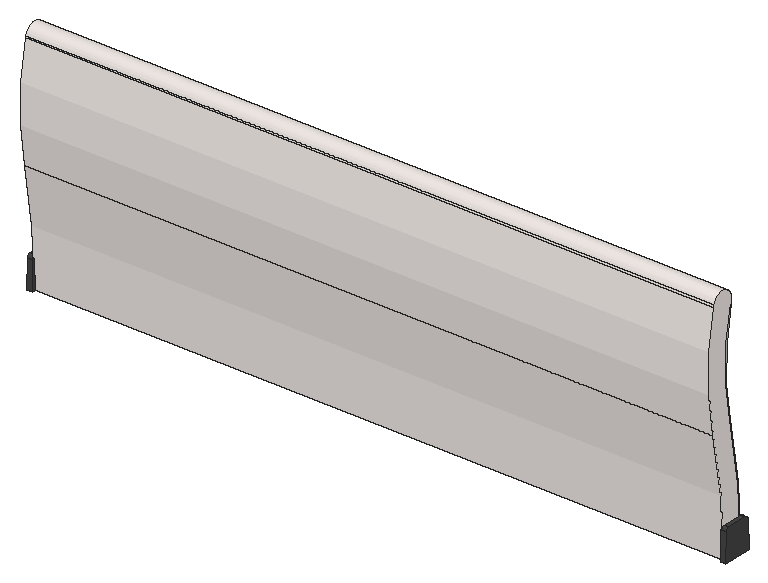
Revit family "BrightShelf-Revit2012", category Specialty Equipment, Revit 2012
Parameters
  maxLength = 6' - 0"  # constant formula
  Spacing [instance] = if([built-in parameter 1001306] > 6' 0", if([built-in parameter 1001306] > 0' 9 1/8", [built-in parameter 1001306] / ArrayNum, 0' 9 1/8"), 0' 0")  # 0' - 0"
  ShelfLength [instance] = if([built-in parameter 1001306] > 6' 0", Spacing - 0' 0 9/16", if([built-in parameter 1001306] > 0' 8", [built-in parameter 1001306], Min. Length))  # 6' - 0"
  RU [instance] = [built-in parameter 1001306] / maxLength - NumSect  # 0
  NumSect [instance] = [built-in parameter 1001306] / maxLength  # 1
  Min. Length = 0' - 8"  # constant formula
  Length Condition [instance] = if([built-in parameter 1001306] > 0' 8", [built-in parameter 1001306], Min. Length)  # 6' - 0"
  built-in parameter 1001306 [instance] = 6' - 0"
  BrightShelfMaterial = Metal - BrightShelf-White
  BracketEnd [instance] = ShelfLength + 0' 0 9/16"  # 6' - 0 9/16"
  ArrayNum [instance] = if([built-in parameter 1001306] > 6' 0", if(RU > 0, NumSect + 1, NumSect), 2)  # 2
Reference planes (in)
  plane 1 "Center (Front/Back)": y = 0
  plane 2: z = 0
  plane 3 "Left": x = 0
  plane 4 "Right": x = 72
  plane 5 "BracketTop": z = 3.25
  plane 6 "Bracket1Edge": x = 0.5625
  plane 7 "Height": y = -2.875
  plane 8: through (0, -2.88828, 0) normal (0, 0.9995, -0.0327)
  plane 9 "bracketAngle2": through (0, -0.0832, 2.93694) normal (0, -0.9995, -0.0328)
  plane 10 "bracketAngle1": through (0, -2.88696, 0.04024) normal (0, 0.9995, -0.0327)
Forms (in)
  Extrusion 1, solid, material "Metal - BrightShelf-White" <- "BrightShelfMaterial", not visible
    sketch origin (0, 0, 0) x (0, 1, 0) y (0, 0, 1)
      loop
        arc (-1.70563, 12.65644) -> (-2.26155, 18.07377) -> (-1.58187, 23.47697) r 24
        line (-1.58187, 23.47697) -> (-1.52983, 23.69073)
        arc (-1.52983, 23.69073) -> (-2.35675, 25.04993) -> (-3.71596, 24.22301) r 1.125
        line (-3.71596, 24.22301) -> (-3.76801, 24.00925)
        arc (-3.76801, 24.00925) -> (-4.51141, 18.09951) -> (-3.90336, 12.1743) r 26.25
        arc (-3.90336, 12.1743) -> (-2.91257, 6.15387) -> (-2.56249, 0.0625) r 57.75
        line (-2.56249, 0.0625) -> (-0.31247, 0.0625)
        arc (-0.31247, 0.0625) -> (-0.67567, 6.39635) -> (-1.70563, 12.65644) r 60
    from 0.5625 to 72 <- "ShelfLength"
  Extrusion 2, solid, material "Metal - BrightShelf-White" <- "BrightShelfMaterial"
    sketch origin (0, 0, 0) x (0, 1, 0) y (0, 0, 1)
      loop
        arc (-1.70563, 12.65644) -> (-2.26155, 18.07377) -> (-1.58187, 23.47697) r 24
        line (-1.58187, 23.47697) -> (-1.52983, 23.69073)
        arc (-1.52983, 23.69073) -> (-2.35675, 25.04993) -> (-3.71596, 24.22301) r 1.125
        line (-3.71596, 24.22301) -> (-3.76801, 24.00925)
        arc (-3.76801, 24.00925) -> (-4.51141, 18.09951) -> (-3.90336, 12.1743) r 26.25
        arc (-3.90336, 12.1743) -> (-2.91257, 6.15387) -> (-2.56249, 0.0625) r 57.75
        line (-2.56249, 0.0625) -> (-0.31247, 0.0625)
        arc (-0.31247, 0.0625) -> (-0.67567, 6.39635) -> (-1.70563, 12.65644) r 60
    from 0.5625 to 72 <- "ShelfLength"
  Extrusion 3, solid, material "Metal - Steel, Painted Black"
    sketch origin (0, 0, 0) x (0, 1, 0) y (0, 0, 1)
      loop
        line (-0.40672, 3.25) -> (-2.46864, 3.25)
        arc (-2.46864, 3.25) -> (-2.69375, 3.15891) -> (-2.79215, 2.9369) r 0.32369
        line (-2.79215, 2.9369) -> (-2.88828, 0) -> (0.01328, 0) -> (-0.0832, 2.93694)
        arc (-0.0832, 2.93694) -> (-0.18162, 3.15892) -> (-0.40672, 3.25) r 0.32369
    from 0 to 0.5625
  Extrusion 4, solid, material "Metal - Steel, Painted Black"
    sketch origin (0, 0, 0) x (0, 1, 0) y (0, 0, 1)
      loop
        arc (-2.46864, 3.25) -> (-2.69375, 3.15891) -> (-2.79215, 2.9369) r 0.32369
        line (-2.79215, 2.9369) -> (-2.88828, 0) -> (0.01328, 0) -> (-0.0832, 2.93694)
        arc (-0.0832, 2.93694) -> (-0.18162, 3.15892) -> (-0.40672, 3.25) r 0.32369
        line (-0.40672, 3.25) -> (-2.46864, 3.25)
    from 72 <- "ShelfLength" to 72.5625 <- "BracketEnd"
  Extrusion 5, solid, material "Metal - Steel, Painted Black", not visible
    sketch origin (0, 0, 0) x (0, 1, 0) y (0, 0, 1)
      loop
        line (-0.40672, 3.25) -> (-2.46864, 3.25)
        arc (-2.46864, 3.25) -> (-2.69375, 3.15891) -> (-2.79215, 2.9369) r 0.32369
        line (-2.79215, 2.9369) -> (-2.88828, 0) -> (0.01328, 0) -> (-0.0832, 2.93694)
        arc (-0.0832, 2.93694) -> (-0.18162, 3.15892) -> (-0.40672, 3.25) r 0.32369
    from 0 to 0.5625
  Extrusion 6, solid, material "Metal - Steel, Painted Black", not visible
    sketch origin (0, 0, 0) x (0, 1, 0) y (0, 0, 1)
      loop
        arc (-2.46864, 3.25) -> (-2.69375, 3.15891) -> (-2.79215, 2.9369) r 0.32369
        line (-2.79215, 2.9369) -> (-2.88828, 0) -> (0.01328, 0) -> (-0.0832, 2.93694)
        arc (-0.0832, 2.93694) -> (-0.18162, 3.15892) -> (-0.40672, 3.25) r 0.32369
        line (-0.40672, 3.25) -> (-2.46864, 3.25)
    from 72 <- "ShelfLength" to 72.5625 <- "BracketEnd"
  Extrusion 7, solid, material "Metal - BrightShelf-Reflector"
    sketch origin (0, 0, 0) x (0, 1, 0) y (0, 0, 1)
      loop
        arc (-1.64313, 12.65644) -> (-2.19905, 18.07377) -> (-1.51937, 23.47697) r 24
        line (-1.51937, 23.47697) -> (-1.58369, 23.47697)
        arc (-1.58369, 23.47697) -> (-2.26164, 18.06688) -> (-1.70418, 12.64305) r 24.0625
        arc (-1.70418, 12.64305) -> (-0.6753, 6.38962) -> (-0.31247, 0.0625) r 59.9375
        line (-0.31247, 0.0625) -> (-0.24997, 0.0625)
        arc (-0.24997, 0.0625) -> (-0.61317, 6.39635) -> (-1.64313, 12.65644) r 60
    from 0.5625 to 72 <- "ShelfLength"
  Extrusion 8, solid, material "Metal - BrightShelf-Reflector", not visible
    sketch origin (0, 0, 0) x (0, 1, 0) y (0, 0, 1)
      loop
        arc (-1.64313, 12.65644) -> (-2.19905, 18.07377) -> (-1.51937, 23.47697) r 24
        line (-1.51937, 23.47697) -> (-1.58369, 23.47697)
        arc (-1.58369, 23.47697) -> (-2.26164, 18.06688) -> (-1.70418, 12.64305) r 24.0625
        arc (-1.70418, 12.64305) -> (-0.6753, 6.38962) -> (-0.31247, 0.0625) r 59.9375
        line (-0.31247, 0.0625) -> (-0.24997, 0.0625)
        arc (-0.24997, 0.0625) -> (-0.61317, 6.39635) -> (-1.64313, 12.65644) r 60
    from 0.5625 to 72 <- "ShelfLength"
  Extrusion 9, solid, material "Metal - BrightShelf-White" <- "BrightShelfMaterial"
    sketch origin (0, 0, 0) x (0, 1, 0) y (0, 0, 1)
      loop
        arc (-1.70563, 12.65644) -> (-2.26155, 18.07377) -> (-1.58187, 23.47697) r 24
        line (-1.58187, 23.47697) -> (-1.52983, 23.69073)
        arc (-1.52983, 23.69073) -> (-2.35675, 25.04993) -> (-3.71596, 24.22301) r 1.125
        line (-3.71596, 24.22301) -> (-3.76801, 24.00925)
        arc (-3.76801, 24.00925) -> (-4.51141, 18.09951) -> (-3.90336, 12.1743) r 26.25
        arc (-3.90336, 12.1743) -> (-2.91257, 6.15387) -> (-2.56249, 0.0625) r 57.75
        line (-2.56249, 0.0625) -> (-0.31247, 0.0625)
        arc (-0.31247, 0.0625) -> (-0.67567, 6.39635) -> (-1.70563, 12.65644) r 60
    from 0.5625 to 72 <- "ShelfLength"
  Extrusion 10, solid, material "Metal - Steel, Painted Black"
    sketch origin (0, 0, 0) x (0, 1, 0) y (0, 0, 1)
      loop
        line (-0.40672, 3.25) -> (-2.46864, 3.25)
        arc (-2.46864, 3.25) -> (-2.69375, 3.15891) -> (-2.79215, 2.9369) r 0.32369
        line (-2.79215, 2.9369) -> (-2.88828, 0) -> (0.01328, 0) -> (-0.0832, 2.93694)
        arc (-0.0832, 2.93694) -> (-0.18162, 3.15892) -> (-0.40672, 3.25) r 0.32369
    from 0 to 0.5625
  Extrusion 11, solid, material "Metal - Steel, Painted Black"
    sketch origin (0, 0, 0) x (0, 1, 0) y (0, 0, 1)
      loop
        arc (-2.46864, 3.25) -> (-2.69375, 3.15891) -> (-2.79215, 2.9369) r 0.32369
        line (-2.79215, 2.9369) -> (-2.88828, 0) -> (0.01328, 0) -> (-0.0832, 2.93694)
        arc (-0.0832, 2.93694) -> (-0.18162, 3.15892) -> (-0.40672, 3.25) r 0.32369
        line (-0.40672, 3.25) -> (-2.46864, 3.25)
    from 72 <- "ShelfLength" to 72.5625 <- "BracketEnd"
  Extrusion 12, solid, material "Metal - BrightShelf-Reflector"
    sketch origin (0, 0, 0) x (0, 1, 0) y (0, 0, 1)
      loop
        arc (-1.64313, 12.65644) -> (-2.19905, 18.07377) -> (-1.51937, 23.47697) r 24
        line (-1.51937, 23.47697) -> (-1.58369, 23.47697)
        arc (-1.58369, 23.47697) -> (-2.26164, 18.06688) -> (-1.70418, 12.64305) r 24.0625
        arc (-1.70418, 12.64305) -> (-0.6753, 6.38962) -> (-0.31247, 0.0625) r 59.9375
        line (-0.31247, 0.0625) -> (-0.24997, 0.0625)
        arc (-0.24997, 0.0625) -> (-0.61317, 6.39635) -> (-1.64313, 12.65644) r 60
    from 0.5625 to 72 <- "ShelfLength"
Lines and regions (in)
  reference lines
    curve 1: line (0, 0, 0) -> (72, 0, 0)
Dimensions and locks (in)
  "built-in parameter 1001306": plane 3 "Left" to plane 4 "Right"
  plane 1 "Center (Front/Back)" to Extrusion 2 = 0' - 2.26312"
  plane 6 "Bracket1Edge" to plane 3 "Left" = 0' - 0 9/16"
  "built-in parameter 1001306": plane 4 "Right" to plane 3 "Left"
  plane 5 "BracketTop" to Extrusion 2 = 0' - 3 3/16"
  group 2 to group 3 = 0' - 0"  (x3)
  "Spacing": Extrusion 9 to plane 6 "Bracket1Edge"
  aligned and locked: plane 4 "Right" to curve 1
  aligned and locked: plane 1 "Center (Front/Back)" to curve 1
  aligned and locked: plane 3 "Left" to curve 1
  aligned and locked: level to plane 2
  aligned and locked: Extrusion 3 to plane 10 "bracketAngle1"
  aligned and locked: Extrusion 3 to plane 9 "bracketAngle2"
  aligned and locked: Extrusion 4 to plane 9 "bracketAngle2"
  aligned and locked: Extrusion 4 to plane 10 "bracketAngle1"
Automatic sketch dimensions
  Extrusion 1 sketch curve to Extrusion 1 sketch curve = 0' - 0"  (x10)
  Extrusion 1 sketch curve to Extrusion 1 sketch curve = 0' - 0.05205"  (x2)
  Extrusion 1 sketch curve to Extrusion 1 sketch curve = 0' - 1.04102"
  Extrusion 1 sketch curve to Extrusion 1 sketch curve = 0' - 0.21375"
  Extrusion 1 sketch curve to Extrusion 1 sketch curve = 0' - 0.26614"
  Extrusion 1 sketch curve to Extrusion 1 sketch curve = 4' - 8.40853"
  Extrusion 1 sketch curve to Extrusion 1 sketch curve = 0' - 0.13536"
  Extrusion 1 sketch curve to Extrusion 1 sketch curve = 0' - 1.09307"
  Extrusion 1 sketch curve to Extrusion 1 sketch curve = 0' - 1.34087"
  Extrusion 1 sketch curve to Extrusion 1 sketch curve = 0' - 2.19773"
  Extrusion 1 sketch curve to Extrusion 1 sketch curve = 0' - 2.25002"
  Extrusion 1 sketch curve to Extrusion 1 sketch curve = 1' - 11.4425"
  Extrusion 2 sketch curve to Extrusion 2 sketch curve = 0' - 0"  (x10)
  Extrusion 2 sketch curve to Extrusion 2 sketch curve = 0' - 0.05205"  (x2)
  Extrusion 2 sketch curve to Extrusion 2 sketch curve = 0' - 1.04102"
  Extrusion 2 sketch curve to Extrusion 2 sketch curve = 0' - 0.21375"
  Extrusion 2 sketch curve to Extrusion 2 sketch curve = 0' - 0.26614"
  Extrusion 2 sketch curve to Extrusion 2 sketch curve = 4' - 8.40853"
  Extrusion 2 sketch curve to Extrusion 2 sketch curve = 0' - 0.13536"
  Extrusion 2 sketch curve to Extrusion 2 sketch curve = 0' - 1.09307"
  Extrusion 2 sketch curve to Extrusion 2 sketch curve = 0' - 1.34087"
  Extrusion 2 sketch curve to Extrusion 2 sketch curve = 0' - 2.19773"
  Extrusion 2 sketch curve to Extrusion 2 sketch curve = 0' - 2.25002"
  Extrusion 2 sketch curve to Extrusion 2 sketch curve = 1' - 11.4425"
  Extrusion 3 sketch curve to Extrusion 3 sketch curve = 0' - 0.32369"
  Extrusion 3 sketch curve to Extrusion 3 sketch curve = 0' - 0.09612"
  Extrusion 3 sketch curve to Extrusion 3 sketch curve = 0' - 0.32352"  (x2)
  Extrusion 3 sketch curve to Extrusion 3 sketch curve = 0' - 2.06192"
  Extrusion 3 sketch curve to Extrusion 3 sketch curve = 0' - 2.90156"
  Extrusion 3 sketch curve to Extrusion 3 sketch curve = 0' - 2.92631"
  Extrusion 3 sketch curve to Extrusion 3 sketch curve = 0' - 0"
  Extrusion 7 sketch curve to Extrusion 7 sketch curve = 0' - 0"  (x10)
  Extrusion 7 sketch curve to Extrusion 7 sketch curve = 0' - 0.06105"
  Extrusion 7 sketch curve to Extrusion 7 sketch curve = 0' - 0.06432"
  Extrusion 7 sketch curve to Extrusion 7 sketch curve = 4' - 10.54521"
  Extrusion 7 sketch curve to Extrusion 7 sketch curve = 0' - 0.05943"
  Extrusion 7 sketch curve to Extrusion 7 sketch curve = 0' - 1.39171"
  Extrusion 7 sketch curve to Extrusion 7 sketch curve = 1' - 11.31875"
  Extrusion 4 sketch curve to Extrusion 4 sketch curve = 0' - 0.09612"
  Extrusion 4 sketch curve to Extrusion 4 sketch curve = 0' - 0.32352"  (x2)
  Extrusion 4 sketch curve to Extrusion 4 sketch curve = 0' - 2.06192"
  Extrusion 4 sketch curve to Extrusion 4 sketch curve = 0' - 2.90156"
  Extrusion 4 sketch curve to Extrusion 4 sketch curve = 0' - 2.92631"
  Extrusion 4 sketch curve to Extrusion 4 sketch curve = 0' - 0"
  Extrusion 4 sketch curve to Extrusion 4 sketch curve = 0' - 0.01059"
  Extrusion 6 sketch curve to Extrusion 6 sketch curve = 0' - 0.09612"
  Extrusion 6 sketch curve to Extrusion 6 sketch curve = 0' - 0.32352"  (x2)
  Extrusion 6 sketch curve to Extrusion 6 sketch curve = 0' - 2.06192"
  Extrusion 6 sketch curve to Extrusion 6 sketch curve = 0' - 2.90156"
  Extrusion 6 sketch curve to Extrusion 6 sketch curve = 0' - 2.92631"
  Extrusion 6 sketch curve to Extrusion 6 sketch curve = 0' - 0"
  Extrusion 6 sketch curve to Extrusion 6 sketch curve = 0' - 0.01059"
  Extrusion 9 sketch curve to Extrusion 9 sketch curve = 0' - 0"  (x10)
  Extrusion 9 sketch curve to Extrusion 9 sketch curve = 0' - 0.05205"  (x2)
  Extrusion 9 sketch curve to Extrusion 9 sketch curve = 0' - 1.04102"
  Extrusion 9 sketch curve to Extrusion 9 sketch curve = 0' - 0.21375"
  Extrusion 9 sketch curve to Extrusion 9 sketch curve = 0' - 0.26614"
  Extrusion 9 sketch curve to Extrusion 9 sketch curve = 4' - 8.40853"
  Extrusion 9 sketch curve to Extrusion 9 sketch curve = 0' - 0.13536"
  Extrusion 9 sketch curve to Extrusion 9 sketch curve = 0' - 1.09307"
  Extrusion 9 sketch curve to Extrusion 9 sketch curve = 0' - 1.34087"
  Extrusion 9 sketch curve to Extrusion 9 sketch curve = 0' - 2.19773"
  Extrusion 9 sketch curve to Extrusion 9 sketch curve = 0' - 2.25002"
  Extrusion 9 sketch curve to Extrusion 9 sketch curve = 1' - 11.4425"
  Extrusion 10 sketch curve to Extrusion 10 sketch curve = 0' - 0.32369"
  Extrusion 10 sketch curve to Extrusion 10 sketch curve = 0' - 0.09612"
  Extrusion 10 sketch curve to Extrusion 10 sketch curve = 0' - 0.32352"  (x2)
  Extrusion 10 sketch curve to Extrusion 10 sketch curve = 0' - 2.06192"
  Extrusion 10 sketch curve to Extrusion 10 sketch curve = 0' - 2.90156"
  Extrusion 10 sketch curve to Extrusion 10 sketch curve = 0' - 2.92631"
  Extrusion 10 sketch curve to Extrusion 10 sketch curve = 0' - 0"
  Extrusion 12 sketch curve to Extrusion 12 sketch curve = 0' - 0"  (x10)
  Extrusion 12 sketch curve to Extrusion 12 sketch curve = 0' - 0.06105"
  Extrusion 12 sketch curve to Extrusion 12 sketch curve = 0' - 0.06432"
  Extrusion 12 sketch curve to Extrusion 12 sketch curve = 4' - 10.54521"
  Extrusion 12 sketch curve to Extrusion 12 sketch curve = 0' - 0.05943"
  Extrusion 12 sketch curve to Extrusion 12 sketch curve = 0' - 1.39171"
  Extrusion 12 sketch curve to Extrusion 12 sketch curve = 1' - 11.31875"
  Extrusion 11 sketch curve to Extrusion 11 sketch curve = 0' - 0.09612"
  Extrusion 11 sketch curve to Extrusion 11 sketch curve = 0' - 0.32352"  (x2)
  Extrusion 11 sketch curve to Extrusion 11 sketch curve = 0' - 2.06192"
  Extrusion 11 sketch curve to Extrusion 11 sketch curve = 0' - 2.90156"
  Extrusion 11 sketch curve to Extrusion 11 sketch curve = 0' - 2.92631"
  Extrusion 11 sketch curve to Extrusion 11 sketch curve = 0' - 0"
  Extrusion 11 sketch curve to Extrusion 11 sketch curve = 0' - 0.01059"
